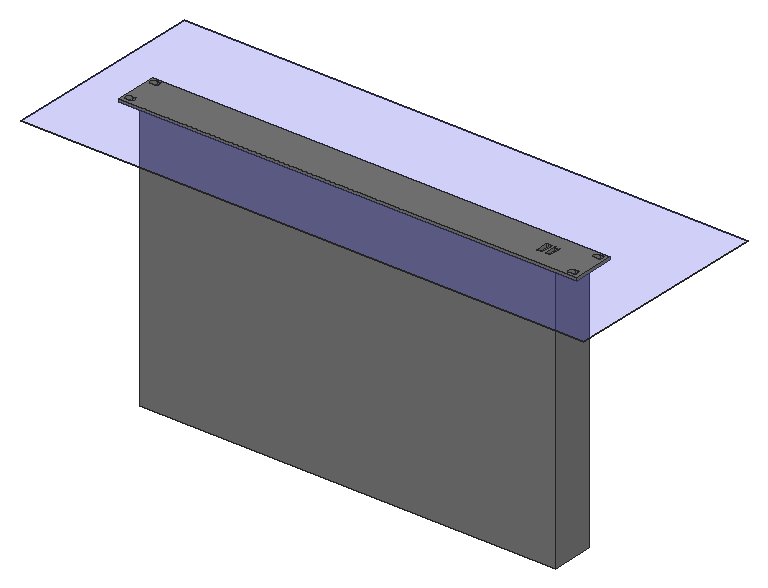
Revit family "QSC Core 110f", category Generic Models, host Face, Revit 2014
Parameters
  Width = 19.0"  # constant formula
  Weight Product (lb) = 11  # constant formula
  Weight Product (kg) = 5  # constant formula
  Weight Dimensional (lb) = 12.4  # constant formula
  Weight Dimensional (kg) = 5.6  # constant formula
  Voltage AC = "100-240 at 50-60 Hz"  # constant formula
  URL = "http://qsc.com/products/Q-SYS_Integrated_System/Core_Series/Core_110f/"
  Regulatory Compliance = "FCC Part 15B (USA), FCC part 68 / TIA-968-B (USA), JATE (Japan), AS/ACIF S002 (Australia), PTC200 (New Zealand),\nES203 021 (Europe), ANATEL Resolution 473 (Brazil), NOM-151-SCTI (Mexico), PSTN01 (Taiwan), Industry Canada CS-03 (Canada),\nCE marked (Europe), UL and C-UL listed (USA & Canada), RCM (Australia), EAC (Eurasian Customs Union) & RoHS Directive (Europe)"  # constant formula
  Product Page URL = "http://qsc.com/products/Q-SYS_Integrated_System/Core_Series/Core_110f/"
  Product Documentation Link = "http://qsc.com/files/2114/3415/0661/Q-SYS_Core110f_061015.pdf"
  Power Peak [instance] = 120  # constant formula
  Power Active [instance] = 60  # constant formula
  Model = "Q-SYS Core 110f"  # constant formula
  Manufacturer URL = "www.qscaudio.com"
  Manufacturer = "QSC Audio Products, LLC"  # constant formula
  Height = 1.75"  # constant formula
  Heat Load Active [instance] = 205  # constant formula
  Face Depth = 0.11811"  # constant formula
  Description = "Flex Channel Audio DSP"  # constant formula
  Depth = 11.12205"  # constant formula
  Default Elevation = 0.0"
  Enclosure Material [instance] = Dark Gray Finish
Reference planes (in)
  plane 1 "Center (Front/Back)": y = 0
  plane 2: z = 0
  plane 3 "Center (Left/Right)": x = 0
  plane 4 "Left": x = -9.5
  plane 5 "Right": x = 9.5
  plane 6 "Top": y = 0.875
  plane 7 "Bottom": y = -0.875
  plane 8 "Back": z = -11.00394
  plane 9: x = -8.6339
  plane 10: x = 8.6339
  plane 11 "Front": z = 0.11811
Forms (in)
  Extrusion 1, solid, material "Glass"
    sketch origin (0, 0, 0) x (1, 0, 0) y (0, 1, 0)
      loop
        line (-11.18464, 4.67779) -> (-11.18464, -3.88137) -> (12.1957, -3.88137) -> (12.1957, 4.67779) -> (-11.18464, 4.67779)
    from 0 to -0.03906
  Extrusion 2, solid, material "Dark Gray Finish" <- "Enclosure Material"
    sketch origin (0, -0.875, 0) x (-1, 0, 0) y (0, 0, 1)
      loop
        line (9.5, 0) -> (-9.5, 0) -> (-9.5, -11.00394) -> (9.5, -11.00394) -> (9.5, 0)
    from 0 to 1.75 <- "Height"
  Extrusion 3, void
    sketch origin (0, -0.875, 0) x (-1, 0, 0) y (0, 0, 1)
      loop
        line (8.6339, -11.00394) -> (9.5, -11.00394) -> (9.5, 0) -> (8.6339, 0) -> (8.6339, -11.00394)
      loop
        line (-9.5, -11.00394) -> (-8.6339, -11.00394) -> (-8.6339, 0) -> (-9.5, 0) -> (-9.5, -11.00394)
    from 0 to 1.75 <- "Height"
  Extrusion 4, void
    sketch origin (0, 0, 0) x (1, 0, 0) y (0, 1, 0)
      loop
        arc (-9.2614, 0.776) -> (-9.3894, 0.648) -> (-9.2614, 0.52) r 0.128
        line (-9.2614, 0.52) -> (-9.1314, 0.52)
        arc (-9.1314, 0.52) -> (-9.0034, 0.648) -> (-9.1314, 0.776) r 0.128
        line (-9.1314, 0.776) -> (-9.2614, 0.776)
      loop
        arc (-9.2614, -0.52) -> (-9.3894, -0.648) -> (-9.2614, -0.776) r 0.128
        line (-9.2614, -0.776) -> (-9.1314, -0.776)
        arc (-9.1314, -0.776) -> (-9.0034, -0.648) -> (-9.1314, -0.52) r 0.128
        line (-9.1314, -0.52) -> (-9.2614, -0.52)
      loop
        arc (9.1314, 0.776) -> (9.0034, 0.648) -> (9.1314, 0.52) r 0.128
        line (9.1314, 0.52) -> (9.2614, 0.52)
        arc (9.2614, 0.52) -> (9.3894, 0.648) -> (9.2614, 0.776) r 0.128
        line (9.2614, 0.776) -> (9.1314, 0.776)
      loop
        arc (9.1314, -0.52) -> (9.0034, -0.648) -> (9.1314, -0.776) r 0.128
        line (9.1314, -0.776) -> (9.2614, -0.776)
        arc (9.2614, -0.776) -> (9.3894, -0.648) -> (9.2614, -0.52) r 0.128
        line (9.2614, -0.52) -> (9.1314, -0.52)
    from 0 to 0.11811 <- "Face Depth"
  Extrusion 5, solid, material "Dark Gray Finish" <- "Enclosure Material"
    sketch origin (0, -0.875, 0) x (-1, 0, 0) y (0, 0, 1)
      loop
        line (9.5, 0.11811) -> (-9.5, 0.11811) -> (-9.5, 0) -> (9.5, 0) -> (9.5, 0.11811)
    from 0 to 1.75 <- "Height"
  Extrusion 6, void
    sketch origin (0, 0, 0) x (1, 0, 0) y (0, 1, 0)
      loop
        arc (7.57805, 0.24233) -> (7.56651, 0.27017) -> (7.53868, 0.2817) r 0.03937
        line (7.53868, 0.2817) -> (7.3886, 0.2817)
        arc (7.3886, 0.2817) -> (7.36077, 0.27017) -> (7.34923, 0.24233) r 0.03937
        line (7.34923, 0.24233) -> (7.34923, -0.20361)
        arc (7.34923, -0.20361) -> (7.36077, -0.23145) -> (7.3886, -0.24298) r 0.03937
        line (7.3886, -0.24298) -> (7.53868, -0.24298)
        arc (7.53868, -0.24298) -> (7.56651, -0.23145) -> (7.57805, -0.20361) r 0.03937
        line (7.57805, -0.20361) -> (7.57805, 0.24233)
      loop
        arc (7.68713, -0.20361) -> (7.69866, -0.23145) -> (7.7265, -0.24298) r 0.03937
        line (7.7265, -0.24298) -> (7.87657, -0.24298)
        arc (7.87657, -0.24298) -> (7.90441, -0.23145) -> (7.91594, -0.20361) r 0.03937
        line (7.91594, -0.20361) -> (7.91594, 0.24233)
        arc (7.91594, 0.24233) -> (7.90441, 0.27017) -> (7.87657, 0.2817) r 0.03937
        line (7.87657, 0.2817) -> (7.7265, 0.2817)
        arc (7.7265, 0.2817) -> (7.69866, 0.27017) -> (7.68713, 0.24233) r 0.03937
        line (7.68713, 0.24233) -> (7.68713, -0.20361)
    from 0 to 0.11811 <- "Face Depth"
  Extrusion 7, void
    sketch origin (0, 0, -11.00394) x (-1, 0, 0) y (0, -1, 0)
      loop
        line (-8.2362, -0.29001) -> (-8.2362, -0.53017) -> (-7.82491, -0.53017) -> (-7.82491, -0.29001) -> (-8.2362, -0.29001)
      loop
        line (-7.81171, -0.29001) -> (-7.81171, -0.53017) -> (-7.41152, -0.53017) -> (-7.41152, -0.29001) -> (-7.81171, -0.29001)
      loop
        line (-7.39833, -0.29001) -> (-7.39833, -0.53017) -> (-6.99813, -0.53017) -> (-6.99813, -0.29001) -> (-7.39833, -0.29001)
      loop
        line (-6.98494, -0.29001) -> (-6.98494, -0.53017) -> (-6.58475, -0.53017) -> (-6.58475, -0.29001) -> (-6.98494, -0.29001)
      loop
        line (-6.35502, -0.29001) -> (-6.35502, -0.53017) -> (-5.95483, -0.53017) -> (-5.95483, -0.29001) -> (-6.35502, -0.29001)
      loop
        line (-5.94163, -0.29001) -> (-5.94163, -0.53017) -> (-5.54144, -0.53017) -> (-5.54144, -0.29001) -> (-5.94163, -0.29001)
      loop
        line (-5.52825, -0.29001) -> (-5.52825, -0.53017) -> (-5.12806, -0.53017) -> (-5.12806, -0.29001) -> (-5.52825, -0.29001)
      loop
        line (-5.11486, -0.29001) -> (-5.11486, -0.53017) -> (-4.71467, -0.53017) -> (-4.71467, -0.29001) -> (-5.11486, -0.29001)
      loop
        line (-4.48494, -0.29001) -> (-4.48494, -0.53017) -> (-4.08475, -0.53017) -> (-4.08475, -0.29001) -> (-4.48494, -0.29001)
      loop
        line (-4.07156, -0.29001) -> (-4.07156, -0.53017) -> (-3.67136, -0.53017) -> (-3.67136, -0.29001) -> (-4.07156, -0.29001)
      loop
        line (-3.65817, -0.29001) -> (-3.65817, -0.53017) -> (-3.25798, -0.53017) -> (-3.25798, -0.29001) -> (-3.65817, -0.29001)
      loop
        line (-3.24478, -0.29001) -> (-3.24478, -0.53017) -> (-2.84459, -0.53017) -> (-2.84459, -0.29001) -> (-3.24478, -0.29001)
      loop
        line (-2.57549, -0.28607) -> (-2.57549, -0.52623) -> (-2.45089, -0.52623) -> (-2.45089, -0.28607) -> (-2.57549, -0.28607)
      loop
        line (-2.4377, -0.28607) -> (-2.4377, -0.52623) -> (-2.31309, -0.52623) -> (-2.31309, -0.28607) -> (-2.4377, -0.28607)
      loop
        line (-2.2999, -0.28607) -> (-2.2999, -0.52623) -> (-2.1753, -0.52623) -> (-2.1753, -0.28607) -> (-2.2999, -0.28607)
      loop
        line (-2.16211, -0.28607) -> (-2.16211, -0.52623) -> (-2.0375, -0.52623) -> (-2.0375, -0.28607) -> (-2.16211, -0.28607)
      loop
        line (-2.02431, -0.28607) -> (-2.02431, -0.52623) -> (-1.89971, -0.52623) -> (-1.89971, -0.28607) -> (-2.02431, -0.28607)
      loop
        line (-1.88652, -0.28607) -> (-1.88652, -0.52623) -> (-1.76191, -0.52623) -> (-1.76191, -0.28607) -> (-1.88652, -0.28607)
      loop
        line (-1.74872, -0.28607) -> (-1.74872, -0.52623) -> (-1.62412, -0.52623) -> (-1.62412, -0.28607) -> (-1.74872, -0.28607)
      loop
        line (-1.61093, -0.28607) -> (-1.61093, -0.52623) -> (-1.48632, -0.52623) -> (-1.48632, -0.28607) -> (-1.61093, -0.28607)
      loop
        line (-1.47313, -0.28607) -> (-1.47313, -0.52623) -> (-1.34853, -0.52623) -> (-1.34853, -0.28607) -> (-1.47313, -0.28607)
      loop
        line (-1.33534, -0.28607) -> (-1.33534, -0.52623) -> (-1.21073, -0.52623) -> (-1.21073, -0.28607) -> (-1.33534, -0.28607)
      loop
        line (-0.94321, -0.28607) -> (-0.94321, -0.52623) -> (-0.81861, -0.52623) -> (-0.81861, -0.28607) -> (-0.94321, -0.28607)
      loop
        line (-0.80541, -0.28607) -> (-0.80541, -0.52623) -> (-0.68081, -0.52623) -> (-0.68081, -0.28607) -> (-0.80541, -0.28607)
      loop
        line (-0.66762, -0.28607) -> (-0.66762, -0.52623) -> (-0.54302, -0.52623) -> (-0.54302, -0.28607) -> (-0.66762, -0.28607)
      loop
        line (-0.52982, -0.28607) -> (-0.52982, -0.52623) -> (-0.40522, -0.52623) -> (-0.40522, -0.28607) -> (-0.52982, -0.28607)
      loop
        line (-0.39203, -0.28607) -> (-0.39203, -0.52623) -> (-0.26743, -0.52623) -> (-0.26743, -0.28607) -> (-0.39203, -0.28607)
      loop
        line (-0.25423, -0.28607) -> (-0.25423, -0.52623) -> (-0.12963, -0.52623) -> (-0.12963, -0.28607) -> (-0.25423, -0.28607)
      loop
        line (-0.11644, -0.28607) -> (-0.11644, -0.52623) -> (0.00817, -0.52623) -> (0.00817, -0.28607) -> (-0.11644, -0.28607)
      loop
        line (0.02136, -0.28607) -> (0.02136, -0.52623) -> (0.14596, -0.52623) -> (0.14596, -0.28607) -> (0.02136, -0.28607)
      loop
        line (0.15915, -0.28607) -> (0.15915, -0.52623) -> (0.28376, -0.52623) -> (0.28376, -0.28607) -> (0.15915, -0.28607)
      loop
        line (0.29695, -0.28607) -> (0.29695, -0.52623) -> (0.42155, -0.52623) -> (0.42155, -0.28607) -> (0.29695, -0.28607)
      loop
        line (-0.94321, 0.51314) -> (-0.94321, 0.27298) -> (-0.81861, 0.27298) -> (-0.81861, 0.51314) -> (-0.94321, 0.51314)
      loop
        line (-0.80541, 0.51314) -> (-0.80541, 0.27298) -> (-0.68081, 0.27298) -> (-0.68081, 0.51314) -> (-0.80541, 0.51314)
      loop
        line (-0.66762, 0.51314) -> (-0.66762, 0.27298) -> (-0.54302, 0.27298) -> (-0.54302, 0.51314) -> (-0.66762, 0.51314)
      loop
        line (-0.52982, 0.51314) -> (-0.52982, 0.27298) -> (-0.40522, 0.27298) -> (-0.40522, 0.51314) -> (-0.52982, 0.51314)
      loop
        line (-0.39203, 0.51314) -> (-0.39203, 0.27298) -> (-0.26743, 0.27298) -> (-0.26743, 0.51314) -> (-0.39203, 0.51314)
      loop
        line (-0.25423, 0.51314) -> (-0.25423, 0.27298) -> (-0.12963, 0.27298) -> (-0.12963, 0.51314) -> (-0.25423, 0.51314)
      loop
        line (-0.11644, 0.51314) -> (-0.11644, 0.27298) -> (0.00817, 0.27298) -> (0.00817, 0.51314) -> (-0.11644, 0.51314)
      loop
        line (0.02136, 0.51314) -> (0.02136, 0.27298) -> (0.14596, 0.27298) -> (0.14596, 0.51314) -> (0.02136, 0.51314)
      loop
        line (0.15915, 0.51314) -> (0.15915, 0.27298) -> (0.28376, 0.27298) -> (0.28376, 0.51314) -> (0.15915, 0.51314)
      loop
        line (0.29695, 0.51314) -> (0.29695, 0.27298) -> (0.42155, 0.27298) -> (0.42155, 0.51314) -> (0.29695, 0.51314)
      loop
        line (-2.57549, 0.51314) -> (-2.57549, 0.27298) -> (-2.45089, 0.27298) -> (-2.45089, 0.51314) -> (-2.57549, 0.51314)
      loop
        line (-2.4377, 0.51314) -> (-2.4377, 0.27298) -> (-2.31309, 0.27298) -> (-2.31309, 0.51314) -> (-2.4377, 0.51314)
      loop
        line (-2.2999, 0.51314) -> (-2.2999, 0.27298) -> (-2.1753, 0.27298) -> (-2.1753, 0.51314) -> (-2.2999, 0.51314)
      loop
        line (-2.16211, 0.51314) -> (-2.16211, 0.27298) -> (-2.0375, 0.27298) -> (-2.0375, 0.51314) -> (-2.16211, 0.51314)
      loop
        line (-2.02431, 0.51314) -> (-2.02431, 0.27298) -> (-1.89971, 0.27298) -> (-1.89971, 0.51314) -> (-2.02431, 0.51314)
      loop
        line (-1.88652, 0.51314) -> (-1.88652, 0.27298) -> (-1.76191, 0.27298) -> (-1.76191, 0.51314) -> (-1.88652, 0.51314)
      loop
        line (-1.74872, 0.51314) -> (-1.74872, 0.27298) -> (-1.62412, 0.27298) -> (-1.62412, 0.51314) -> (-1.74872, 0.51314)
      loop
        line (-1.61093, 0.51314) -> (-1.61093, 0.27298) -> (-1.48632, 0.27298) -> (-1.48632, 0.51314) -> (-1.61093, 0.51314)
      loop
        line (-1.47313, 0.51314) -> (-1.47313, 0.27298) -> (-1.34853, 0.27298) -> (-1.34853, 0.51314) -> (-1.47313, 0.51314)
      loop
        line (-1.33534, 0.51314) -> (-1.33534, 0.27298) -> (-1.21073, 0.27298) -> (-1.21073, 0.51314) -> (-1.33534, 0.51314)
      loop
        line (-8.2362, 0.51314) -> (-8.2362, 0.27298) -> (-7.82491, 0.27298) -> (-7.82491, 0.51314) -> (-8.2362, 0.51314)
      loop
        line (-7.81171, 0.51314) -> (-7.81171, 0.27298) -> (-7.41152, 0.27298) -> (-7.41152, 0.51314) -> (-7.81171, 0.51314)
      loop
        line (-7.39833, 0.51314) -> (-7.39833, 0.27298) -> (-6.99813, 0.27298) -> (-6.99813, 0.51314) -> (-7.39833, 0.51314)
      loop
        line (-6.98494, 0.51314) -> (-6.98494, 0.27298) -> (-6.58475, 0.27298) -> (-6.58475, 0.51314) -> (-6.98494, 0.51314)
      loop
        line (-6.35502, 0.51314) -> (-6.35502, 0.27298) -> (-5.95483, 0.27298) -> (-5.95483, 0.51314) -> (-6.35502, 0.51314)
      loop
        line (-5.94163, 0.51314) -> (-5.94163, 0.27298) -> (-5.54144, 0.27298) -> (-5.54144, 0.51314) -> (-5.94163, 0.51314)
      loop
        line (-5.52825, 0.51314) -> (-5.52825, 0.27298) -> (-5.12806, 0.27298) -> (-5.12806, 0.51314) -> (-5.52825, 0.51314)
      loop
        line (-5.11486, 0.51314) -> (-5.11486, 0.27298) -> (-4.71467, 0.27298) -> (-4.71467, 0.51314) -> (-5.11486, 0.51314)
      loop
        line (-4.48494, 0.51314) -> (-4.48494, 0.27298) -> (-4.08475, 0.27298) -> (-4.08475, 0.51314) -> (-4.48494, 0.51314)
      loop
        line (-4.07156, 0.51314) -> (-4.07156, 0.27298) -> (-3.67136, 0.27298) -> (-3.67136, 0.51314) -> (-4.07156, 0.51314)
      loop
        line (-3.65817, 0.51314) -> (-3.65817, 0.27298) -> (-3.25798, 0.27298) -> (-3.25798, 0.51314) -> (-3.65817, 0.51314)
      loop
        line (-3.24478, 0.51314) -> (-3.24478, 0.27298) -> (-2.84459, 0.27298) -> (-2.84459, 0.51314) -> (-3.24478, 0.51314)
      loop
        line (0.66781, 0.01668) -> (1.28789, 0.01668) -> (1.28789, 0.5602) -> (0.66781, 0.5602) -> (0.66781, 0.01668)
      loop
        line (1.70364, 0.28912) -> (2.12726, 0.28912) -> (2.12726, 0.48991) -> (1.70364, 0.48991) -> (1.70364, 0.28912)
      loop
        line (2.29104, 0.28912) -> (2.91466, 0.28912) -> (2.91466, 0.48991) -> (2.29104, 0.48991) -> (2.29104, 0.28912)
      loop
        arc (3.72333, 0.33668) -> (3.75812, 0.3511) -> (3.77254, 0.3859) r 0.04921
        line (3.77254, 0.3859) -> (3.77254, 0.48038) -> (3.7128, 0.54012)
        arc (3.7128, 0.54012) -> (3.69679, 0.5509) -> (3.67785, 0.55469) r 0.04921
        line (3.67785, 0.55469) -> (3.27707, 0.55469)
        arc (3.27707, 0.55469) -> (3.25813, 0.5509) -> (3.24212, 0.54012) r 0.04921
        line (3.24212, 0.54012) -> (3.18238, 0.48038) -> (3.18238, 0.3859)
        arc (3.18238, 0.3859) -> (3.1968, 0.3511) -> (3.23159, 0.33668) r 0.04921
        line (3.23159, 0.33668) -> (3.72333, 0.33668)
      loop
        line (4.12411, 0.48007) -> (4.12411, 0.23794) -> (4.16033, 0.20133) -> (4.16033, 0.0655) -> (4.42018, 0.0655) -> (4.42018, 0.20172) -> (4.45679, 0.23794) -> (4.45679, 0.48007) -> (4.12411, 0.48007)
      loop
        line (5.33553, -0.20497) -> (4.87096, -0.20497) -> (4.87096, -0.47269) -> (4.96545, -0.47269) -> (4.96545, -0.53962) -> (5.01466, -0.53962) -> (5.01466, -0.59867) -> (5.19183, -0.59867) -> (5.19183, -0.53962) -> (5.24104, -0.53962) -> (5.24104, -0.47269) -> (5.33553, -0.47269) -> (5.33553, -0.20497)
      loop
        line (5.80797, -0.47269) -> (5.90246, -0.47269) -> (5.90246, -0.53962) -> (5.95167, -0.53962) -> (5.95167, -0.59867) -> (6.12884, -0.59867) -> (6.12884, -0.53962) -> (6.17805, -0.53962) -> (6.17805, -0.47269) -> (6.27254, -0.47269) -> (6.27254, -0.20497) -> (5.80797, -0.20497) -> (5.80797, -0.47269)
      loop
        line (5.34734, -0.05812) -> (5.34734, 0.13952) -> (4.85915, 0.13952) -> (4.85915, -0.05812) -> (5.34734, -0.05812)
      loop
        line (4.88671, -0.01403) -> (5.31978, -0.01403) -> (5.31978, 0.05684) -> (4.88671, 0.05684) -> (4.88671, -0.01403)
      loop
        line (6.28435, -0.05812) -> (6.28435, 0.13952) -> (5.79616, 0.13952) -> (5.79616, -0.05812) -> (6.28435, -0.05812)
      loop
        line (5.82372, -0.01403) -> (6.25679, -0.01403) -> (6.25679, 0.05684) -> (5.82372, 0.05684) -> (5.82372, -0.01403)
      loop
        line (5.34734, 0.27652) -> (5.34734, 0.47416) -> (4.85915, 0.47416) -> (4.85915, 0.27652) -> (5.34734, 0.27652)
      loop
        line (4.88671, 0.32062) -> (5.31978, 0.32062) -> (5.31978, 0.39148) -> (4.88671, 0.39148) -> (4.88671, 0.32062)
      loop
        line (6.28435, 0.27652) -> (6.28435, 0.47416) -> (5.79616, 0.47416) -> (5.79616, 0.27652) -> (6.28435, 0.27652)
      loop
        line (5.82372, 0.32062) -> (6.25679, 0.32062) -> (6.25679, 0.39148) -> (5.82372, 0.39148) -> (5.82372, 0.32062)
      loop
        line (7.11544, -0.31924) -> (7.84344, -0.31924)
        arc (7.84344, -0.31924) -> (7.92688, -0.28467) -> (7.96144, -0.20124) r 0.118
        line (7.96144, -0.20124) -> (7.96144, 0.12326) -> (7.75494, 0.32976) -> (7.20394, 0.32976) -> (6.99744, 0.12326) -> (6.99744, -0.20124)
        arc (6.99744, -0.20124) -> (7.032, -0.28467) -> (7.11544, -0.31924) r 0.118
      loop
        line (7.24269, -0.15174) -> (7.24269, 0.00526) -> (7.16419, 0.00526) -> (7.16419, -0.15174) -> (7.24269, -0.15174)
      loop
        line (7.44019, 0.00526) -> (7.51869, 0.00526) -> (7.51869, 0.16226) -> (7.44019, 0.16226) -> (7.44019, 0.00526)
      loop
        line (7.71519, -0.15174) -> (7.79369, -0.15174) -> (7.79369, 0.00526) -> (7.71519, 0.00526) -> (7.71519, -0.15174)
      loop
        line (4.18829, 0.27219) -> (4.39301, 0.27219) -> (4.39301, 0.38164) -> (4.18829, 0.38164) -> (4.18829, 0.27219)
      loop
        line (4.18829, 0.08243) -> (4.39301, 0.08243) -> (4.39301, 0.13794) -> (4.18829, 0.13794) -> (4.18829, 0.08243)
    from 0 to 0.19685
Cuts and joins
  Extrusion 3, Extrusion 4, Extrusion 6, Extrusion 7 cuts Extrusion 2
  Extrusion 4, Extrusion 6 cuts Extrusion 5
Lines and regions (in)
  model lines, style "GenericModel"
    curve 1: line (-7.52865, 0.39016, 0.11811) -> (-7.64518, 0.55255, 0.11811)
    curve 2: line (-7.64518, 0.55255, 0.11811) -> (-7.52865, 0.39016, 0.11811)
    curve 3: line (-8.07315, 0.38938, 0.11811) -> (-8.02472, 0.57164, 0.11811)
    curve 4: line (-8.02472, 0.57164, 0.11811) -> (-8.07315, 0.38938, 0.11811)
    curve 5: line (-7.99412, 0.28989, 0.11811) -> (-8.02849, 0.60641, 0.11811)
    curve 6: line (-8.02861, 0.60641, 0.11811) -> (-7.99412, 0.28989, 0.11811)
    curve 7: line (-7.36716, 0.51914, 0.11811) -> (-7.25585, 0.42858, 0.11811)
    curve 8: line (-7.25585, 0.42858, 0.11811) -> (-7.36716, 0.51914, 0.11811)
  model lines, detail levels medium+fine
    curve 9: line (8.26655, 0.50056, 0.11811) -> (1.74293, 0.50056, 0.11811)
    curve 10: arc (1.74293, 0.50056, 0.11811) -> (1.65245, 0.46308, 0.11811) -> (1.61498, 0.37261, 0.11811) r 0.12795
    curve 11: line (1.61498, 0.37261, 0.11811) -> (1.61498, -0.33606, 0.11811)
    curve 12: arc (1.61498, -0.33606, 0.11811) -> (1.65245, -0.42653, 0.11811) -> (1.74293, -0.46401, 0.11811) r 0.12795
    curve 13: line (1.74293, -0.46401, 0.11811) -> (8.26655, -0.46401, 0.11811)
    curve 14: arc (8.26655, -0.46401, 0.11811) -> (8.35703, -0.42653, 0.11811) -> (8.3945, -0.33606, 0.11811) r 0.12795
    curve 15: line (8.3945, -0.33606, 0.11811) -> (8.3945, 0.37261, 0.11811)
    curve 16: arc (8.3945, 0.37261, 0.11811) -> (8.35703, 0.46308, 0.11811) -> (8.26655, 0.50056, 0.11811) r 0.12795
    curve 17: line (1.74293, 0.48087, 0.11811) -> (8.26655, 0.48087, 0.11811)
    curve 18: arc (8.26655, 0.48087, 0.11811) -> (8.34311, 0.44916, 0.11811) -> (8.37482, 0.37261, 0.11811) r 0.10827
    curve 19: line (8.37482, 0.37261, 0.11811) -> (8.37482, -0.33606, 0.11811)
    curve 20: arc (8.37482, -0.33606, 0.11811) -> (8.34311, -0.41261, 0.11811) -> (8.26655, -0.44432, 0.11811) r 0.10827
    curve 21: line (8.26655, -0.44432, 0.11811) -> (1.74293, -0.44432, 0.11811)
    curve 22: arc (1.74293, -0.44432, 0.11811) -> (1.66637, -0.41261, 0.11811) -> (1.63466, -0.33606, 0.11811) r 0.10827
    curve 23: line (1.63466, -0.33606, 0.11811) -> (1.63466, 0.37261, 0.11811)
    curve 24: arc (1.63466, 0.37261, 0.11811) -> (1.66637, 0.44916, 0.11811) -> (1.74293, 0.48087, 0.11811) r 0.10827
  model lines, detail levels fine
    curve 25: line (5.05316, 0.29372, 0.11811) -> (5.43505, 0.29372, 0.11811)
    curve 26: arc (5.43505, 0.29372, 0.11811) -> (5.49491, 0.26892, 0.11811) -> (5.5197, 0.20907, 0.11811) r 0.08465
    curve 27: line (5.5197, 0.20907, 0.11811) -> (5.5197, -0.17282, 0.11811)
    curve 28: arc (5.5197, -0.17282, 0.11811) -> (5.49491, -0.23267, 0.11811) -> (5.43505, -0.25746, 0.11811) r 0.08465
    curve 29: line (5.43505, -0.25746, 0.11811) -> (5.05316, -0.25746, 0.11811)
    curve 30: arc (5.05316, -0.25746, 0.11811) -> (4.99331, -0.23267, 0.11811) -> (4.96852, -0.17282, 0.11811) r 0.08465
    curve 31: line (4.96852, -0.17282, 0.11811) -> (4.96852, 0.20907, 0.11811)
    curve 32: arc (4.96852, 0.20907, 0.11811) -> (4.99331, 0.26892, 0.11811) -> (5.05316, 0.29372, 0.11811) r 0.08465
    curve 33: line (5.05316, 0.34293, 0.11811) -> (5.43505, 0.34293, 0.11811)
    curve 34: arc (5.43505, 0.34293, 0.11811) -> (5.52971, 0.30372, 0.11811) -> (5.56891, 0.20907, 0.11811) r 0.13386
    curve 35: line (5.56891, 0.20907, 0.11811) -> (5.56891, -0.17282, 0.11811)
    curve 36: arc (5.56891, -0.17282, 0.11811) -> (5.52971, -0.26747, 0.11811) -> (5.43505, -0.30668, 0.11811) r 0.13386
    curve 37: line (5.43505, -0.30668, 0.11811) -> (5.05316, -0.30668, 0.11811)
    curve 38: arc (5.05316, -0.30668, 0.11811) -> (4.95851, -0.26747, 0.11811) -> (4.91931, -0.17282, 0.11811) r 0.13386
    curve 39: line (4.91931, -0.17282, 0.11811) -> (4.91931, 0.20907, 0.11811)
    curve 40: arc (4.91931, 0.20907, 0.11811) -> (4.95851, 0.30372, 0.11811) -> (5.05316, 0.34293, 0.11811) r 0.13386
    curve 41: line (5.87009, 0.29372, 0.11811) -> (6.25198, 0.29372, 0.11811)
    curve 42: arc (6.25198, 0.29372, 0.11811) -> (6.31184, 0.26892, 0.11811) -> (6.33663, 0.20907, 0.11811) r 0.08465
    curve 43: line (6.33663, 0.20907, 0.11811) -> (6.33663, -0.17282, 0.11811)
    curve 44: arc (6.33663, -0.17282, 0.11811) -> (6.31184, -0.23267, 0.11811) -> (6.25198, -0.25746, 0.11811) r 0.08465
    curve 45: line (6.25198, -0.25746, 0.11811) -> (5.87009, -0.25746, 0.11811)
    curve 46: arc (5.87009, -0.25746, 0.11811) -> (5.81024, -0.23267, 0.11811) -> (5.78545, -0.17282, 0.11811) r 0.08465
    curve 47: line (5.78545, -0.17282, 0.11811) -> (5.78545, 0.20907, 0.11811)
    curve 48: arc (5.78545, 0.20907, 0.11811) -> (5.81024, 0.26892, 0.11811) -> (5.87009, 0.29372, 0.11811) r 0.08465
    curve 49: line (5.87009, 0.34293, 0.11811) -> (6.25198, 0.34293, 0.11811)
    curve 50: arc (6.25198, 0.34293, 0.11811) -> (6.34664, 0.30372, 0.11811) -> (6.38584, 0.20907, 0.11811) r 0.13386
    curve 51: line (6.38584, 0.20907, 0.11811) -> (6.38584, -0.17282, 0.11811)
    curve 52: arc (6.38584, -0.17282, 0.11811) -> (6.34664, -0.26747, 0.11811) -> (6.25198, -0.30668, 0.11811) r 0.13386
    curve 53: line (6.25198, -0.30668, 0.11811) -> (5.87009, -0.30668, 0.11811)
    curve 54: arc (5.87009, -0.30668, 0.11811) -> (5.77544, -0.26747, 0.11811) -> (5.73624, -0.17282, 0.11811) r 0.13386
    curve 55: line (5.73624, -0.17282, 0.11811) -> (5.73624, 0.20907, 0.11811)
    curve 56: arc (5.73624, 0.20907, 0.11811) -> (5.77544, 0.30372, 0.11811) -> (5.87009, 0.34293, 0.11811) r 0.13386
    curve 57: line (7.3344, 0.35791, 0.11811) -> (7.90736, 0.35791, 0.11811)
    curve 58: line (7.24778, -0.23278, 0.11811) -> (7.24778, 0.27129, 0.11811)
    curve 59: line (7.90736, -0.31939, 0.11811) -> (7.3344, -0.31939, 0.11811)
    curve 60: line (7.99398, 0.27129, 0.11811) -> (7.99398, -0.23278, 0.11811)
    curve 61: arc (7.90736, 0.35791, 0.11811) -> (7.96861, 0.33254, 0.11811) -> (7.99398, 0.27129, 0.11811) r 0.08661
    curve 62: arc (7.99398, -0.23278, 0.11811) -> (7.96861, -0.29402, 0.11811) -> (7.90736, -0.31939, 0.11811) r 0.08661
    curve 63: arc (7.3344, -0.31939, 0.11811) -> (7.27315, -0.29402, 0.11811) -> (7.24778, -0.23278, 0.11811) r 0.08661
    curve 64: arc (7.24778, 0.27129, 0.11811) -> (7.27315, 0.33254, 0.11811) -> (7.3344, 0.35791, 0.11811) r 0.08661
    curve 65: line (7.3344, 0.41303, 0.11811) -> (7.90736, 0.41303, 0.11811)
    curve 66: arc (7.19266, 0.27129, 0.11811) -> (7.23418, 0.37151, 0.11811) -> (7.3344, 0.41303, 0.11811) r 0.14173
    curve 67: line (7.19266, -0.23278, 0.11811) -> (7.19266, 0.27129, 0.11811)
    curve 68: arc (7.3344, -0.37451, 0.11811) -> (7.23418, -0.333, 0.11811) -> (7.19266, -0.23278, 0.11811) r 0.14173
    curve 69: line (7.90736, -0.37451, 0.11811) -> (7.3344, -0.37451, 0.11811)
    curve 70: arc (8.0491, -0.23278, 0.11811) -> (8.00758, -0.333, 0.11811) -> (7.90736, -0.37451, 0.11811) r 0.14173
    curve 71: line (8.0491, 0.27129, 0.11811) -> (8.0491, -0.23278, 0.11811)
    curve 72: arc (7.90736, 0.41303, 0.11811) -> (8.00758, 0.37151, 0.11811) -> (8.0491, 0.27129, 0.11811) r 0.14173
Dimensions and locks (in)
  "Depth": plane 11 "Front" to plane 8 "Back"
  equal spacing: plane 6 "Top", plane 1 "Center (Front/Back)", plane 7 "Bottom"
  "Height": plane 6 "Top" to plane 7 "Bottom"
  equal spacing: plane 4 "Left", plane 3 "Center (Left/Right)", plane 5 "Right"
  "Width": plane 4 "Left" to plane 5 "Right"
  plane 4 "Left" to plane 9 = 0.8661"
  plane 10 to plane 5 "Right" = 0.8661"
  "Face Depth": plane 11 "Front" to plane 2
  aligned and locked: plane 2 to Extrusion 1
  aligned and locked: level to Extrusion 1
  aligned and locked: plane 4 "Left" to Extrusion 2 sketch curve
  aligned and locked: plane 8 "Back" to Extrusion 2 sketch curve
  aligned and locked: Extrusion 2 sketch curve to plane 5 "Right"
  aligned and locked: Extrusion 3 sketch curve to plane 8 "Back"
  aligned and locked: Extrusion 3 sketch curve to plane 9
  aligned and locked: level to Extrusion 3 sketch curve  (x2)
  aligned and locked: Extrusion 3 sketch curve to plane 4 "Left"
  aligned and locked: Extrusion 3 sketch curve to Extrusion 2
  aligned and locked: Extrusion 2 to Extrusion 3 sketch curve
  aligned and locked: Extrusion 3 sketch curve to plane 10
  aligned and locked: Extrusion 2 sketch curve to plane 2
Automatic sketch dimensions
  Extrusion 1 sketch curve to Extrusion 1 sketch curve = 23.38034"
  Extrusion 1 sketch curve to Extrusion 1 sketch curve = 8.55916"
  Extrusion 4 sketch curve to plane 6 "Top" = 0.099"  (x2)
  plane 4 "Left" to Extrusion 4 sketch curve = 0.2386"  (x2)
  Extrusion 4 sketch curve to Extrusion 4 sketch curve = 0.13"  (x4)
  Extrusion 4 sketch curve to plane 5 "Right" = 0.3686"  (x2)
  Extrusion 4 sketch curve to Extrusion 4 sketch curve = 0.128"  (x4)
  plane 7 "Bottom" to Extrusion 4 sketch curve = 0.355"  (x2)
  Extrusion 5 sketch curve to plane 5 "Right" = 0.0"
  Extrusion 5 sketch curve to level = 0.0"
  Extrusion 5 sketch curve to plane 4 "Left" = 0.0"
  Extrusion 5 sketch curve to plane 11 "Front" = 0.0"
  plane 1 "Center (Front/Back)" to Extrusion 6 sketch curve = 0.20361"
  Extrusion 6 sketch curve to Extrusion 6 sketch curve = 0.03937"  (x6)
  Extrusion 6 sketch curve to Extrusion 6 sketch curve = 0.15007"  (x4)
  Extrusion 6 sketch curve to Extrusion 6 sketch curve = 0.10908"
  plane 1 "Center (Front/Back)" to Extrusion 6 sketch curve = 0.24298"
  Extrusion 6 sketch curve to plane 1 "Center (Front/Back)" = 0.24233"  (x2)
  Extrusion 7 sketch curve to Extrusion 7 sketch curve = 0.01319"  (x54)
  Extrusion 7 sketch curve to Extrusion 7 sketch curve = 0.40019"  (x22)
  Extrusion 7 sketch curve to Extrusion 7 sketch curve = 0.22973"  (x4)
  Extrusion 7 sketch curve to Extrusion 7 sketch curve = 0.2691"  (x2)
  Extrusion 7 sketch curve to Extrusion 7 sketch curve = 0.1246"  (x38)
  Extrusion 7 sketch curve to Extrusion 7 sketch curve = 0.26752"  (x2)
  Extrusion 7 sketch curve to plane 3 "Center (Left/Right)" = 0.00817"  (x2)
  plane 1 "Center (Front/Back)" to Extrusion 7 sketch curve = 0.01668"
  Extrusion 7 sketch curve to Extrusion 7 sketch curve = 0.24626"
  Extrusion 7 sketch curve to Extrusion 7 sketch curve = 0.62008"
  Extrusion 7 sketch curve to Extrusion 7 sketch curve = 0.41575"
  Extrusion 7 sketch curve to Extrusion 7 sketch curve = 0.42362"
  Extrusion 7 sketch curve to Extrusion 7 sketch curve = 0.16378"
  Extrusion 7 sketch curve to Extrusion 7 sketch curve = 0.62362"
  plane 7 "Bottom" to Extrusion 7 sketch curve = 0.39462"
  Extrusion 7 sketch curve to Extrusion 7 sketch curve = 0.26772"  (x3)
  Extrusion 7 sketch curve to Extrusion 7 sketch curve = 0.04921"  (x6)
  plane 7 "Bottom" to Extrusion 7 sketch curve = 0.33488"  (x2)
  Extrusion 7 sketch curve to Extrusion 7 sketch curve = 0.05973"  (x2)
  Extrusion 7 sketch curve to Extrusion 7 sketch curve = 0.03495"  (x2)
  Extrusion 7 sketch curve to Extrusion 7 sketch curve = 0.40079"
  Extrusion 7 sketch curve to Extrusion 7 sketch curve = 0.04547"
  Extrusion 7 sketch curve to Extrusion 7 sketch curve = 0.35157"
  plane 1 "Center (Front/Back)" to Extrusion 7 sketch curve = 0.20133"
  Extrusion 7 sketch curve to Extrusion 7 sketch curve = 0.03622"  (x2)
  Extrusion 7 sketch curve to Extrusion 7 sketch curve = 0.02795"
  Extrusion 7 sketch curve to Extrusion 7 sketch curve = 0.06417"
  Extrusion 7 sketch curve to Extrusion 7 sketch curve = 0.20472"
  plane 1 "Center (Front/Back)" to Extrusion 7 sketch curve = 0.08243"
  Extrusion 7 sketch curve to Extrusion 7 sketch curve = 0.0"  (x113)
  Extrusion 7 sketch curve to Extrusion 7 sketch curve = 0.02717"
  Extrusion 7 sketch curve to Extrusion 7 sketch curve = 0.06378"  (x2)
  Extrusion 7 sketch curve to plane 1 "Center (Front/Back)" = 0.05812"  (x2)
  Extrusion 7 sketch curve to Extrusion 7 sketch curve = 0.43898"
  Extrusion 7 sketch curve to Extrusion 7 sketch curve = 0.01181"  (x2)
  Extrusion 7 sketch curve to plane 1 "Center (Front/Back)" = 0.01403"  (x2)
  Extrusion 7 sketch curve to Extrusion 7 sketch curve = 0.02756"  (x8)
  Extrusion 7 sketch curve to Extrusion 7 sketch curve = 0.09449"  (x2)
  Extrusion 7 sketch curve to Extrusion 7 sketch curve = 0.17717"  (x2)
  Extrusion 7 sketch curve to Extrusion 7 sketch curve = 0.43307"  (x2)
  plane 1 "Center (Front/Back)" to Extrusion 7 sketch curve = 0.05684"  (x2)
  Extrusion 7 sketch curve to Extrusion 7 sketch curve = 0.01575"  (x2)
  Extrusion 7 sketch curve to Extrusion 7 sketch curve = 0.44882"
  plane 1 "Center (Front/Back)" to Extrusion 7 sketch curve = 0.12326"  (x2)
  Extrusion 7 sketch curve to Extrusion 7 sketch curve = 0.71309"
  Extrusion 7 sketch curve to Extrusion 7 sketch curve = 0.118"  (x2)
  Extrusion 7 sketch curve to Extrusion 7 sketch curve = 0.04875"
  Extrusion 7 sketch curve to Extrusion 7 sketch curve = 0.2065"
  Extrusion 7 sketch curve to Extrusion 7 sketch curve = 0.0785"  (x3)
  plane 1 "Center (Front/Back)" to Extrusion 7 sketch curve = 0.00526"  (x3)
  Extrusion 7 sketch curve to Extrusion 7 sketch curve = 0.1975"
  Extrusion 7 sketch curve to Extrusion 7 sketch curve = 0.1965"
  Extrusion 7 sketch curve to Extrusion 7 sketch curve = 0.23625"
  Extrusion 7 sketch curve to Extrusion 7 sketch curve = 0.04975"
  Extrusion 7 sketch curve to plane 1 "Center (Front/Back)" = 0.15174"  (x2)
  Extrusion 7 sketch curve to Extrusion 7 sketch curve = 0.0495"
  Extrusion 7 sketch curve to Extrusion 7 sketch curve = 0.14685"  (x2)
  Extrusion 7 sketch curve to plane 1 "Center (Front/Back)" = 0.28607"  (x3)
  Extrusion 7 sketch curve to plane 1 "Center (Front/Back)" = 0.29001"  (x2)
  Extrusion 7 sketch curve to Extrusion 7 sketch curve = 0.00394"
  Extrusion 7 sketch curve to Extrusion 7 sketch curve = 0.24016"  (x13)
  Extrusion 7 sketch curve to Extrusion 7 sketch curve = 0.06693"  (x4)
  Extrusion 7 sketch curve to Extrusion 7 sketch curve = 0.05906"  (x2)
  Extrusion 7 sketch curve to Extrusion 7 sketch curve = 0.01693"
  Extrusion 7 sketch curve to Extrusion 7 sketch curve = 0.05551"
  Extrusion 7 sketch curve to Extrusion 7 sketch curve = 0.08268"  (x4)
  Extrusion 7 sketch curve to Extrusion 7 sketch curve = 0.157"
  Extrusion 7 sketch curve to Extrusion 7 sketch curve = 0.03661"
  Extrusion 7 sketch curve to Extrusion 7 sketch curve = 0.03425"
  plane 1 "Center (Front/Back)" to Extrusion 7 sketch curve = 0.27298"  (x4)
  Extrusion 7 sketch curve to Extrusion 7 sketch curve = 0.13701"  (x2)
  plane 1 "Center (Front/Back)" to Extrusion 7 sketch curve = 0.28912"
  Extrusion 7 sketch curve to Extrusion 7 sketch curve = 0.1437"
  Extrusion 7 sketch curve to Extrusion 7 sketch curve = 0.04409"  (x2)
  Extrusion 7 sketch curve to Extrusion 7 sketch curve = 0.1675"
  Extrusion 7 sketch curve to Extrusion 7 sketch curve = 0.10945"
  Extrusion 7 sketch curve to Extrusion 7 sketch curve = 0.07087"  (x2)
  Extrusion 7 sketch curve to Extrusion 7 sketch curve = 0.09843"
  Extrusion 7 sketch curve to Extrusion 7 sketch curve = 0.03465"
  Extrusion 7 sketch curve to Extrusion 7 sketch curve = 0.20079"  (x2)
  plane 7 "Bottom" to Extrusion 7 sketch curve = 0.3148"
  Extrusion 6 sketch curve to plane 10 = 1.28467"
  plane 3 "Center (Left/Right)" to Extrusion 7 sketch curve = 0.11644"  (x2)
  Extrusion 7 sketch curve to plane 10 = 0.3977"  (x2)
  curve 10 to curve 24 = 0.0"  (x2)
  curve 12 to curve 22 = 0.0"  (x2)
  curve 14 to curve 20 = 0.0"  (x2)
  curve 16 to curve 18 = 0.0"  (x2)
  curve 26 to curve 34 = 0.0"  (x2)
  curve 28 to curve 36 = 0.0"  (x2)
  curve 30 to curve 38 = 0.0"  (x2)
  curve 32 to curve 40 = 0.0"  (x2)
  curve 42 to curve 50 = 0.0"  (x2)
  curve 44 to curve 52 = 0.0"  (x2)
  curve 46 to curve 54 = 0.0"  (x2)
  curve 48 to curve 56 = 0.0"  (x2)
  curve 61 to curve 72 = 0.0"  (x2)
  curve 62 to curve 70 = 0.0"  (x2)
  curve 63 to curve 68 = 0.0"  (x2)
  curve 64 to curve 66 = 0.0"  (x2)
  curve 15 to plane 10 = 0.2394"
  curve 15 to curve 19 = 0.01969"
  curve 19 to curve 14 = 0.10827"
  curve 18 to curve 17 = 0.10827"
  curve 16 to curve 71 = 0.21745"
  curve 70 to curve 60 = 0.05512"
  curve 60 to curve 61 = 0.08661"
  curve 60 to curve 69 = 0.08661"
  plane 1 "Center (Front/Back)" to curve 63 = 0.23278"
  curve 62 to curve 63 = 0.57297"
  curve 64 to curve 63 = 0.0"
  curve 63 to curve 58 = 0.08661"
  plane 1 "Center (Front/Back)" to curve 51 = 0.17282"
  curve 67 to curve 51 = 0.80682"
  curve 50 to curve 43 = 0.04921"
  curve 42 to curve 50 = 0.08465"
  curve 43 to curve 52 = 0.08465"
  curve 42 to curve 48 = 0.38189"
  plane 1 "Center (Front/Back)" to curve 46 = 0.17282"
  curve 44 to curve 46 = 0.38189"
  curve 55 to curve 35 = 0.16732"
  curve 34 to curve 27 = 0.04921"
  curve 27 to curve 36 = 0.08465"
  curve 26 to curve 34 = 0.08465"
  curve 28 to curve 29 = 0.38189"
  curve 26 to curve 32 = 0.38189"
  curve 30 to curve 31 = 0.08465"
  curve 10 to plane 1 "Center (Front/Back)" = 0.37261"
  plane 3 "Center (Left/Right)" to curve 10 = 1.74293"
  curve 12 to curve 10 = 0.0"
  curve 12 to curve 23 = 0.10827"
  curve 65 to plane 1 "Center (Front/Back)" = 0.41303"
  curve 49 to plane 1 "Center (Front/Back)" = 0.34293"
  curve 33 to curve 55 = 0.13386"
  plane 1 "Center (Front/Back)" to curve 39 = 0.17282"
  plane 1 "Center (Front/Back)" to curve 12 = 0.33606"
  curve 8 to plane 1 "Center (Front/Back)" = 0.42858"
  plane 9 to curve 8 = 1.37805"
  curve 7 to plane 1 "Center (Front/Back)" = 0.42858"
  curve 7 to curve 8 = 0.0"
  curve 7 to plane 6 "Top" = 0.35586"
  curve 8 to curve 7 = 0.11131"
  curve 8 to plane 6 "Top" = 0.35586"
  curve 8 to curve 7 = 0.0"
  curve 2 to plane 1 "Center (Front/Back)" = 0.39016"
  curve 7 to curve 2 = 0.16149"
  curve 1 to plane 1 "Center (Front/Back)" = 0.39016"
  curve 1 to curve 2 = 0.0"  (x2)
  curve 2 to plane 6 "Top" = 0.32245"
  curve 1 to curve 2 = 0.11653"
  curve 1 to plane 6 "Top" = 0.32245"
  curve 6 to plane 1 "Center (Front/Back)" = 0.28989"
  curve 1 to curve 6 = 0.34894"
  curve 5 to plane 1 "Center (Front/Back)" = 0.28989"
  curve 5 to curve 6 = 0.0"
  curve 3 to plane 6 "Top" = 0.30336"
  curve 6 to curve 3 = 0.03059"
  curve 4 to plane 6 "Top" = 0.30336"
  curve 6 to plane 6 "Top" = 0.26859"
  curve 4 to curve 6 = 0.0039"
  curve 5 to plane 6 "Top" = 0.26859"
  curve 6 to curve 3 = 0.07903"
  curve 4 to curve 3 = 0.0"  (x2)
  curve 3 to curve 6 = 0.09948"
Connectors (in)
  electrical at (-7.47944, 0.01686, -10.80709)
    settings: on cut or joined group of Extrusion 2, Extrusion 3, Extrusion 4, Extrusion 6, Extrusion 7, index 1, voltage 0 V, apparent load 0 VA, apparent load phase1 0 VA, apparent load phase2 0 VA, apparent load phase3 0 VA, power factor 1, load classification "Other", number of poles 1, system type 31, power factor state 1, is connector primary yes, connector utility no, sub classification motor no, connector description ""
  electrical at (-6.04026, 0.47138, -10.80709)
    settings: on cut or joined group of Extrusion 2, Extrusion 3, Extrusion 4, Extrusion 6, Extrusion 7, index 2, voltage 0 V, apparent load 0 VA, apparent load phase1 0 VA, apparent load phase2 0 VA, apparent load phase3 0 VA, power factor 1, load classification "Other", number of poles 1, system type 14, power factor state 1, is connector primary no, connector utility no, sub classification motor no, connector description "LAN B"
  electrical at (-5.10325, 0.47138, -10.80709)
    settings: on cut or joined group of Extrusion 2, Extrusion 3, Extrusion 4, Extrusion 6, Extrusion 7, index 3, voltage 0 V, apparent load 0 VA, apparent load phase1 0 VA, apparent load phase2 0 VA, apparent load phase3 0 VA, power factor 1, load classification "Other", number of poles 1, system type 14, power factor state 1, is connector primary no, connector utility no, sub classification motor no, connector description "LAN A"
  electrical at (-6.04026, -0.0407, -10.80709)
    settings: on cut or joined group of Extrusion 2, Extrusion 3, Extrusion 4, Extrusion 6, Extrusion 7, index 4, voltage 0 V, apparent load 0 VA, apparent load phase1 0 VA, apparent load phase2 0 VA, apparent load phase3 0 VA, power factor 1, load classification "Other", number of poles 1, system type 14, power factor state 1, is connector primary no, connector utility no, sub classification motor no, connector description "USB A"
  electrical at (-5.10325, -0.0407, -10.80709)
    settings: on cut or joined group of Extrusion 2, Extrusion 3, Extrusion 4, Extrusion 6, Extrusion 7, index 5, voltage 0 V, apparent load 0 VA, apparent load phase1 0 VA, apparent load phase2 0 VA, apparent load phase3 0 VA, power factor 1, load classification "Other", number of poles 1, system type 14, power factor state 1, is connector primary no, connector utility no, sub classification motor no, connector description "USB A"
  electrical at (-5.10325, -0.37534, -10.80709)
    settings: on cut or joined group of Extrusion 2, Extrusion 3, Extrusion 4, Extrusion 6, Extrusion 7, index 6, voltage 0 V, apparent load 0 VA, apparent load phase1 0 VA, apparent load phase2 0 VA, apparent load phase3 0 VA, power factor 1, load classification "Other", number of poles 1, system type 14, power factor state 1, is connector primary no, connector utility no, sub classification motor no, connector description "USB A"
  electrical at (-6.04026, -0.37534, -10.80709)
    settings: on cut or joined group of Extrusion 2, Extrusion 3, Extrusion 4, Extrusion 6, Extrusion 7, index 7, voltage 0 V, apparent load 0 VA, apparent load phase1 0 VA, apparent load phase2 0 VA, apparent load phase3 0 VA, power factor 1, load classification "Other", number of poles 1, system type 14, power factor state 1, is connector primary no, connector utility no, sub classification motor no, connector description "USB A"
  electrical at (-4.29035, -0.24626, -10.80709)
    settings: on cut or joined group of Extrusion 2, Extrusion 3, Extrusion 4, Extrusion 6, Extrusion 7, index 8, voltage 0 V, apparent load 0 VA, apparent load phase1 0 VA, apparent load phase2 0 VA, apparent load phase3 0 VA, power factor 1, load classification "Other", number of poles 1, system type 14, power factor state 1, is connector primary no, connector utility no, sub classification motor no, connector description "USB B"
  electrical at (-3.47746, -0.45955, -10.80709)
    settings: on cut or joined group of Extrusion 2, Extrusion 3, Extrusion 4, Extrusion 6, Extrusion 7, index 9, voltage 0 V, apparent load 0 VA, apparent load phase1 0 VA, apparent load phase2 0 VA, apparent load phase3 0 VA, power factor 1, load classification "Other", number of poles 1, system type 14, power factor state 1, is connector primary no, connector utility no, sub classification motor no, connector description "HDMI"
  electrical at (-2.60285, -0.38952, -10.80709)
    settings: on cut or joined group of Extrusion 2, Extrusion 3, Extrusion 4, Extrusion 6, Extrusion 7, index 10, voltage 0 V, apparent load 0 VA, apparent load phase1 0 VA, apparent load phase2 0 VA, apparent load phase3 0 VA, power factor 1, load classification "Other", number of poles 1, system type 14, power factor state 1, is connector primary no, connector utility no, sub classification motor no, connector description "RS232"
  electrical at (-1.91545, -0.38952, -10.80709)
    settings: on cut or joined group of Extrusion 2, Extrusion 3, Extrusion 4, Extrusion 6, Extrusion 7, index 11, voltage 0 V, apparent load 0 VA, apparent load phase1 0 VA, apparent load phase2 0 VA, apparent load phase3 0 VA, power factor 1, load classification "Other", number of poles 1, system type 14, power factor state 1, is connector primary no, connector utility no, sub classification motor no, connector description "+12V DC Input"
  electrical at (-0.97785, -0.28844, -10.80709)
    settings: on cut or joined group of Extrusion 2, Extrusion 3, Extrusion 4, Extrusion 6, Extrusion 7, index 12, voltage 0 V, apparent load 0 VA, apparent load phase1 0 VA, apparent load phase2 0 VA, apparent load phase3 0 VA, power factor 1, load classification "Other", number of poles 1, system type 14, power factor state 1, is connector primary no, connector utility no, sub classification motor no, connector description "Telephone"
  electrical at (-0.35925, 0.40615, -10.80709)
    settings: on cut or joined group of Extrusion 2, Extrusion 3, Extrusion 4, Extrusion 6, Extrusion 7, index 13, voltage 0 V, apparent load 0 VA, apparent load phase1 0 VA, apparent load phase2 0 VA, apparent load phase3 0 VA, power factor 1, load classification "Other", number of poles 1, system type 14, power factor state 1, is connector primary no, connector utility no, sub classification motor no, connector description "GND"
  electrical at (-0.22145, 0.40615, -10.80709)
    settings: on cut or joined group of Extrusion 2, Extrusion 3, Extrusion 4, Extrusion 6, Extrusion 7, index 14, voltage 0 V, apparent load 0 VA, apparent load phase1 0 VA, apparent load phase2 0 VA, apparent load phase3 0 VA, power factor 1, load classification "Other", number of poles 1, system type 14, power factor state 1, is connector primary no, connector utility no, sub classification motor no, connector description "GPIO OUTPUT 8"
  electrical at (-0.08366, 0.40615, -10.80709)
    settings: on cut or joined group of Extrusion 2, Extrusion 3, Extrusion 4, Extrusion 6, Extrusion 7, index 15, voltage 0 V, apparent load 0 VA, apparent load phase1 0 VA, apparent load phase2 0 VA, apparent load phase3 0 VA, power factor 1, load classification "Other", number of poles 1, system type 14, power factor state 1, is connector primary no, connector utility no, sub classification motor no, connector description "GPIO OUTPUT 7"
  electrical at (0.05414, 0.40615, -10.80709)
    settings: on cut or joined group of Extrusion 2, Extrusion 3, Extrusion 4, Extrusion 6, Extrusion 7, index 16, voltage 0 V, apparent load 0 VA, apparent load phase1 0 VA, apparent load phase2 0 VA, apparent load phase3 0 VA, power factor 1, load classification "Other", number of poles 1, system type 14, power factor state 1, is connector primary no, connector utility no, sub classification motor no, connector description "GPIO OUTPUT 6"
  electrical at (0.19193, 0.40615, -10.80709)
    settings: on cut or joined group of Extrusion 2, Extrusion 3, Extrusion 4, Extrusion 6, Extrusion 7, index 17, voltage 0 V, apparent load 0 VA, apparent load phase1 0 VA, apparent load phase2 0 VA, apparent load phase3 0 VA, power factor 1, load classification "Other", number of poles 1, system type 14, power factor state 1, is connector primary no, connector utility no, sub classification motor no, connector description "GPIO OUTPUT 5"
  electrical at (0.32973, 0.40615, -10.80709)
    settings: on cut or joined group of Extrusion 2, Extrusion 3, Extrusion 4, Extrusion 6, Extrusion 7, index 18, voltage 0 V, apparent load 0 VA, apparent load phase1 0 VA, apparent load phase2 0 VA, apparent load phase3 0 VA, power factor 1, load classification "Other", number of poles 1, system type 14, power factor state 1, is connector primary no, connector utility no, sub classification motor no, connector description "GPIO OUTPUT 4"
  electrical at (0.46752, 0.40615, -10.80709)
    settings: on cut or joined group of Extrusion 2, Extrusion 3, Extrusion 4, Extrusion 6, Extrusion 7, index 19, voltage 0 V, apparent load 0 VA, apparent load phase1 0 VA, apparent load phase2 0 VA, apparent load phase3 0 VA, power factor 1, load classification "Other", number of poles 1, system type 14, power factor state 1, is connector primary no, connector utility no, sub classification motor no, connector description "GPIO OUTPUT 3"
  electrical at (0.60532, 0.40615, -10.80709)
    settings: on cut or joined group of Extrusion 2, Extrusion 3, Extrusion 4, Extrusion 6, Extrusion 7, index 20, voltage 0 V, apparent load 0 VA, apparent load phase1 0 VA, apparent load phase2 0 VA, apparent load phase3 0 VA, power factor 1, load classification "Other", number of poles 1, system type 14, power factor state 1, is connector primary no, connector utility no, sub classification motor no, connector description "GPIO OUTPUT 2"
  electrical at (0.74311, 0.40615, -10.80709)
    settings: on cut or joined group of Extrusion 2, Extrusion 3, Extrusion 4, Extrusion 6, Extrusion 7, index 21, voltage 0 V, apparent load 0 VA, apparent load phase1 0 VA, apparent load phase2 0 VA, apparent load phase3 0 VA, power factor 1, load classification "Other", number of poles 1, system type 14, power factor state 1, is connector primary no, connector utility no, sub classification motor no, connector description "GPIO OUTPUT 1"
  electrical at (0.88091, 0.40615, -10.80709)
    settings: on cut or joined group of Extrusion 2, Extrusion 3, Extrusion 4, Extrusion 6, Extrusion 7, index 22, voltage 0 V, apparent load 0 VA, apparent load phase1 0 VA, apparent load phase2 0 VA, apparent load phase3 0 VA, power factor 1, load classification "Other", number of poles 1, system type 14, power factor state 1, is connector primary no, connector utility no, sub classification motor no, connector description "12V DC"
  electrical at (0.88091, -0.39306, -10.80709)
    settings: on cut or joined group of Extrusion 2, Extrusion 3, Extrusion 4, Extrusion 6, Extrusion 7, index 23, voltage 0 V, apparent load 0 VA, apparent load phase1 0 VA, apparent load phase2 0 VA, apparent load phase3 0 VA, power factor 1, load classification "Other", number of poles 1, system type 14, power factor state 1, is connector primary no, connector utility no, sub classification motor no, connector description "12V DC"
  electrical at (0.74311, -0.39306, -10.80709)
    settings: on cut or joined group of Extrusion 2, Extrusion 3, Extrusion 4, Extrusion 6, Extrusion 7, index 24, voltage 0 V, apparent load 0 VA, apparent load phase1 0 VA, apparent load phase2 0 VA, apparent load phase3 0 VA, power factor 1, load classification "Other", number of poles 1, system type 14, power factor state 1, is connector primary no, connector utility no, sub classification motor no, connector description "GPIO OUTPUT 9"
  electrical at (0.60532, -0.39306, -10.80709)
    settings: on cut or joined group of Extrusion 2, Extrusion 3, Extrusion 4, Extrusion 6, Extrusion 7, index 25, voltage 0 V, apparent load 0 VA, apparent load phase1 0 VA, apparent load phase2 0 VA, apparent load phase3 0 VA, power factor 1, load classification "Other", number of poles 1, system type 14, power factor state 1, is connector primary no, connector utility no, sub classification motor no, connector description "GPIO OUTPUT 10"
  electrical at (0.46752, -0.39306, -10.80709)
    settings: on cut or joined group of Extrusion 2, Extrusion 3, Extrusion 4, Extrusion 6, Extrusion 7, index 26, voltage 0 V, apparent load 0 VA, apparent load phase1 0 VA, apparent load phase2 0 VA, apparent load phase3 0 VA, power factor 1, load classification "Other", number of poles 1, system type 14, power factor state 1, is connector primary no, connector utility no, sub classification motor no, connector description "GPIO OUTPUT 11"
  electrical at (0.32973, -0.39306, -10.80709)
    settings: on cut or joined group of Extrusion 2, Extrusion 3, Extrusion 4, Extrusion 6, Extrusion 7, index 27, voltage 0 V, apparent load 0 VA, apparent load phase1 0 VA, apparent load phase2 0 VA, apparent load phase3 0 VA, power factor 1, load classification "Other", number of poles 1, system type 14, power factor state 1, is connector primary no, connector utility no, sub classification motor no, connector description "GPIO OUTPUT 12"
  electrical at (0.19193, -0.39306, -10.80709)
    settings: on cut or joined group of Extrusion 2, Extrusion 3, Extrusion 4, Extrusion 6, Extrusion 7, index 28, voltage 0 V, apparent load 0 VA, apparent load phase1 0 VA, apparent load phase2 0 VA, apparent load phase3 0 VA, power factor 1, load classification "Other", number of poles 1, system type 14, power factor state 1, is connector primary no, connector utility no, sub classification motor no, connector description "GPIO OUTPUT 13"
  electrical at (0.05414, -0.39306, -10.80709)
    settings: on cut or joined group of Extrusion 2, Extrusion 3, Extrusion 4, Extrusion 6, Extrusion 7, index 29, voltage 0 V, apparent load 0 VA, apparent load phase1 0 VA, apparent load phase2 0 VA, apparent load phase3 0 VA, power factor 1, load classification "Other", number of poles 1, system type 14, power factor state 1, is connector primary no, connector utility no, sub classification motor no, connector description "GPIO OUTPUT 14"
  electrical at (-0.08366, -0.39306, -10.80709)
    settings: on cut or joined group of Extrusion 2, Extrusion 3, Extrusion 4, Extrusion 6, Extrusion 7, index 30, voltage 0 V, apparent load 0 VA, apparent load phase1 0 VA, apparent load phase2 0 VA, apparent load phase3 0 VA, power factor 1, load classification "Other", number of poles 1, system type 14, power factor state 1, is connector primary no, connector utility no, sub classification motor no, connector description "GPIO OUTPUT 15"
  electrical at (-0.22145, -0.39306, -10.80709)
    settings: on cut or joined group of Extrusion 2, Extrusion 3, Extrusion 4, Extrusion 6, Extrusion 7, index 31, voltage 0 V, apparent load 0 VA, apparent load phase1 0 VA, apparent load phase2 0 VA, apparent load phase3 0 VA, power factor 1, load classification "Other", number of poles 1, system type 14, power factor state 1, is connector primary no, connector utility no, sub classification motor no, connector description "GPIO OUTPUT 16"
  electrical at (-0.35925, -0.39306, -10.80709)
    settings: on cut or joined group of Extrusion 2, Extrusion 3, Extrusion 4, Extrusion 6, Extrusion 7, index 32, voltage 0 V, apparent load 0 VA, apparent load phase1 0 VA, apparent load phase2 0 VA, apparent load phase3 0 VA, power factor 1, load classification "Other", number of poles 1, system type 14, power factor state 1, is connector primary no, connector utility no, sub classification motor no, connector description "GND"
  electrical at (1.27303, -0.39306, -10.80709)
    settings: on cut or joined group of Extrusion 2, Extrusion 3, Extrusion 4, Extrusion 6, Extrusion 7, index 33, voltage 0 V, apparent load 0 VA, apparent load phase1 0 VA, apparent load phase2 0 VA, apparent load phase3 0 VA, power factor 1, load classification "Other", number of poles 1, system type 14, power factor state 1, is connector primary no, connector utility no, sub classification motor no, connector description "GND"
  electrical at (1.41083, -0.39306, -10.80709)
    settings: on cut or joined group of Extrusion 2, Extrusion 3, Extrusion 4, Extrusion 6, Extrusion 7, index 34, voltage 0 V, apparent load 0 VA, apparent load phase1 0 VA, apparent load phase2 0 VA, apparent load phase3 0 VA, power factor 1, load classification "Other", number of poles 1, system type 14, power factor state 1, is connector primary no, connector utility no, sub classification motor no, connector description "GPIO INPUT 16"
  electrical at (1.54862, -0.39306, -10.80709)
    settings: on cut or joined group of Extrusion 2, Extrusion 3, Extrusion 4, Extrusion 6, Extrusion 7, index 35, voltage 0 V, apparent load 0 VA, apparent load phase1 0 VA, apparent load phase2 0 VA, apparent load phase3 0 VA, power factor 1, load classification "Other", number of poles 1, system type 14, power factor state 1, is connector primary no, connector utility no, sub classification motor no, connector description "GPIO INPUT 15"
  electrical at (1.68642, -0.39306, -10.80709)
    settings: on cut or joined group of Extrusion 2, Extrusion 3, Extrusion 4, Extrusion 6, Extrusion 7, index 36, voltage 0 V, apparent load 0 VA, apparent load phase1 0 VA, apparent load phase2 0 VA, apparent load phase3 0 VA, power factor 1, load classification "Other", number of poles 1, system type 14, power factor state 1, is connector primary no, connector utility no, sub classification motor no, connector description "GPIO INPUT 14"
  electrical at (1.82422, -0.39306, -10.80709)
    settings: on cut or joined group of Extrusion 2, Extrusion 3, Extrusion 4, Extrusion 6, Extrusion 7, index 37, voltage 0 V, apparent load 0 VA, apparent load phase1 0 VA, apparent load phase2 0 VA, apparent load phase3 0 VA, power factor 1, load classification "Other", number of poles 1, system type 14, power factor state 1, is connector primary no, connector utility no, sub classification motor no, connector description "GPIO INPUT 13"
  electrical at (1.96201, -0.39306, -10.80709)
    settings: on cut or joined group of Extrusion 2, Extrusion 3, Extrusion 4, Extrusion 6, Extrusion 7, index 38, voltage 0 V, apparent load 0 VA, apparent load phase1 0 VA, apparent load phase2 0 VA, apparent load phase3 0 VA, power factor 1, load classification "Other", number of poles 1, system type 14, power factor state 1, is connector primary no, connector utility no, sub classification motor no, connector description "GPIO INPUT 12"
  electrical at (2.09981, -0.39306, -10.80709)
    settings: on cut or joined group of Extrusion 2, Extrusion 3, Extrusion 4, Extrusion 6, Extrusion 7, index 39, voltage 0 V, apparent load 0 VA, apparent load phase1 0 VA, apparent load phase2 0 VA, apparent load phase3 0 VA, power factor 1, load classification "Other", number of poles 1, system type 14, power factor state 1, is connector primary no, connector utility no, sub classification motor no, connector description "GPIO INPUT 11"
  electrical at (2.2376, -0.39306, -10.80709)
    settings: on cut or joined group of Extrusion 2, Extrusion 3, Extrusion 4, Extrusion 6, Extrusion 7, index 40, voltage 0 V, apparent load 0 VA, apparent load phase1 0 VA, apparent load phase2 0 VA, apparent load phase3 0 VA, power factor 1, load classification "Other", number of poles 1, system type 14, power factor state 1, is connector primary no, connector utility no, sub classification motor no, connector description "GPIO INPUT 10"
  electrical at (2.3754, -0.39306, -10.80709)
    settings: on cut or joined group of Extrusion 2, Extrusion 3, Extrusion 4, Extrusion 6, Extrusion 7, index 41, voltage 0 V, apparent load 0 VA, apparent load phase1 0 VA, apparent load phase2 0 VA, apparent load phase3 0 VA, power factor 1, load classification "Other", number of poles 1, system type 14, power factor state 1, is connector primary no, connector utility no, sub classification motor no, connector description "GPIO INPUT 9"
  electrical at (2.51319, -0.39306, -10.80709)
    settings: on cut or joined group of Extrusion 2, Extrusion 3, Extrusion 4, Extrusion 6, Extrusion 7, index 42, voltage 0 V, apparent load 0 VA, apparent load phase1 0 VA, apparent load phase2 0 VA, apparent load phase3 0 VA, power factor 1, load classification "Other", number of poles 1, system type 14, power factor state 1, is connector primary no, connector utility no, sub classification motor no, connector description "12V DC"
  electrical at (2.51319, 0.40615, -10.80709)
    settings: on cut or joined group of Extrusion 2, Extrusion 3, Extrusion 4, Extrusion 6, Extrusion 7, index 43, voltage 0 V, apparent load 0 VA, apparent load phase1 0 VA, apparent load phase2 0 VA, apparent load phase3 0 VA, power factor 1, load classification "Other", number of poles 1, system type 14, power factor state 1, is connector primary no, connector utility no, sub classification motor no, connector description "12V DC"
  electrical at (2.3754, 0.40615, -10.80709)
    settings: on cut or joined group of Extrusion 2, Extrusion 3, Extrusion 4, Extrusion 6, Extrusion 7, index 44, voltage 0 V, apparent load 0 VA, apparent load phase1 0 VA, apparent load phase2 0 VA, apparent load phase3 0 VA, power factor 1, load classification "Other", number of poles 1, system type 14, power factor state 1, is connector primary no, connector utility no, sub classification motor no, connector description "GPIO INPUT 1"
  electrical at (2.2376, 0.40615, -10.80709)
    settings: on cut or joined group of Extrusion 2, Extrusion 3, Extrusion 4, Extrusion 6, Extrusion 7, index 45, voltage 0 V, apparent load 0 VA, apparent load phase1 0 VA, apparent load phase2 0 VA, apparent load phase3 0 VA, power factor 1, load classification "Other", number of poles 1, system type 14, power factor state 1, is connector primary no, connector utility no, sub classification motor no, connector description "GPIO INPUT 2"
  electrical at (2.09981, 0.40615, -10.80709)
    settings: on cut or joined group of Extrusion 2, Extrusion 3, Extrusion 4, Extrusion 6, Extrusion 7, index 46, voltage 0 V, apparent load 0 VA, apparent load phase1 0 VA, apparent load phase2 0 VA, apparent load phase3 0 VA, power factor 1, load classification "Other", number of poles 1, system type 14, power factor state 1, is connector primary no, connector utility no, sub classification motor no, connector description "GPIO INPUT 3"
